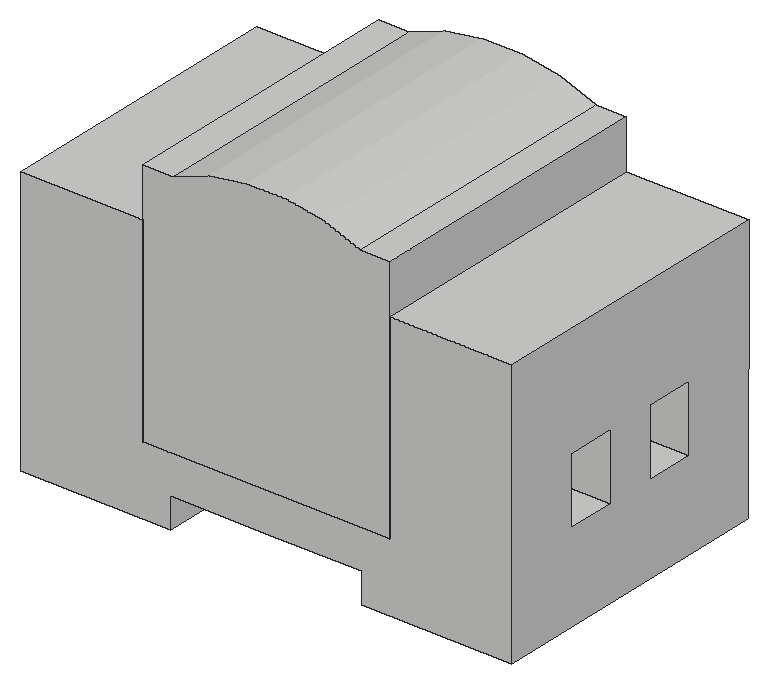
Revit family "PV Überspannungsschutz", category Generic Models, Revit 2015
Parameters (values of type "V20-C 3PH-600")
  Width = 90 mm
  URL = "http://www.obo-bettermann.com"
  Material = OBO PA 6 GF20
  Manufacturer Art.No. = "5094605"
  Manufacturer = "OBO Bettermann"
  Length = 54 mm
  Height = 61.8 mm
  GTIN = "4012195708872"
  Cut depth = 12 mm
  Article Type = "V20-C 3PH-600"
Types (3, lengths in mm): name | Manufacturer Art.No. | GTIN | Article Type
  (no name) | "5094605" | "4012195708872" | "V20-C 3PH-600"
  V20-C 3-PH-1000 | "5094608" | "4012195478621" | "V20-C 3-PH-1000"
  V20-C 3PH-600 | "5094605" | "4012195708872" | "V20-C 3PH-600"
Reference planes
  plane 1 "Center (Front/Back)": y = 0
  plane 2: z = 0
  plane 3 "Center (Left/Right)": x = 0
  plane 4: z = 54.998
  plane 5: y = 27
  plane 6: y = -27
  plane 7: z = 37
  plane 8: z = 48
  plane 9: z = 46
  plane 10: z = 58
  plane 11: z = 61.8
  plane 12: x = 30.5
Forms (mm)
  Extrusion 1, solid, material "OBO PA 6 GF20" <- "Material"
    sketch origin (0, 0, 0) x (1, 0, 0) y (0, 0, 1)
      loop
        line (0, 5.5) -> (17.5, 5.5) -> (17.5, 0) -> (45, 0) -> (45, 49) -> (-45, 49) -> (-45, 0) -> (-17.5, 0) -> (-17.5, 5.5) -> (0, 5.5)
    from -27 to 27
  Extrusion 2, void
    sketch origin (0, 0, 0) x (1, 0, 0) y (0, 0, 1)
      loop
        line (-22.55, 49) -> (-22.55, 12.55) -> (22.55, 12.55) -> (22.55, 49) -> (-22.55, 49)
    from -27 to 27
  Extrusion 3, solid, material "OBO PA 6 GF20" <- "Material"
    sketch origin (0, 0, 0) x (1, 0, 0) y (0, 0, 1)
      loop
        line (-22.55, 12.55) -> (22.541, 12.55) -> (22.541, 58) -> (17.141, 58)
        arc (17.141, 58) -> (-0.004, 61.8) -> (-17.15, 58) r 40.581
        line (-17.15, 58) -> (-22.55, 58) -> (-22.55, 12.55)
    from -27 to 27
  Extrusion 4, void
    sketch origin (0, 0, 0) x (0, 1, 0) y (0, 0, 1)
      loop
        line (13.5, 28.5) -> (4.5, 28.5) -> (4.5, 16.3) -> (13.5, 16.3) -> (13.5, 28.5)
      loop
        line (-4.5, 28.5) -> (-13.5, 28.5) -> (-13.5, 16.3) -> (-4.5, 16.3) -> (-4.5, 28.5)
    from 30.5 to 45
Cuts and joins
  Extrusion 2, Extrusion 4 cuts Extrusion 1
  Extrusion 4 cuts Extrusion 3
Dimensions and locks
  locked: Extrusion 1 sketch curve to plane 3 "Center (Left/Right)" at 45
  locked: Extrusion 1 sketch curve to level at 5.5
  locked: Extrusion 1 sketch curve to plane 3 "Center (Left/Right)" at 17.5
  "Width": Extrusion 1 sketch curve to Extrusion 1 sketch curve
  locked: plane 3 "Center (Left/Right)" to Extrusion 1 sketch curve at 17.5
  locked: Extrusion 1 sketch curve to level at 49
  "Length": plane 5 to plane 6
  locked: plane 8 to plane 9 at 2
  Extrusion 2 sketch curve to Extrusion 2 sketch curve = 45.1 mm
  equal spacing: Extrusion 2 sketch curve, plane 3 "Center (Left/Right)", Extrusion 2 sketch curve, locked at 22.55 each
  locked: Extrusion 1 to Extrusion 2 sketch curve at 36.45
  locked: plane 10 to cut or joined group of Extrusion 1, Extrusion 2, Extrusion 4 at 9
  "Height": plane 11 to level
  locked: Extrusion 3 sketch curve to Extrusion 3 sketch curve at 5.4  (x2)
  locked: plane 5 to plane 1 "Center (Front/Back)" at 27
  locked: Extrusion 4 sketch curve to Extrusion 4 sketch curve at 12.2
  locked: Extrusion 4 sketch curve to Extrusion 4 sketch curve at 9  (x3)
  equal spacing: Extrusion 4 sketch curve, plane 1 "Center (Front/Back)", Extrusion 4 sketch curve, locked at 4.5 each
  locked: Extrusion 4 sketch curve to level at 16.3
  locked: cut or joined group of Extrusion 1, Extrusion 2, Extrusion 4 to plane 12 at 14.5
  radius of Extrusion 3 sketch curve = 40.581 mm
  aligned and locked: level to plane 2
  aligned and locked: Extrusion 1 to plane 5
  aligned and locked: plane 6 to Extrusion 1
  aligned and locked: level to Extrusion 1 sketch curve
  aligned and locked: Extrusion 2 sketch curve to Extrusion 1
  aligned and locked: Extrusion 1 to Extrusion 2  (x2)
  aligned and locked: cut or joined group of Extrusion 1, Extrusion 2, Extrusion 4 to Extrusion 3 sketch curve
  aligned and locked: Extrusion 3 sketch curve to cut or joined group of Extrusion 1, Extrusion 2, Extrusion 4
  aligned and locked: Extrusion 3 sketch curve to plane 10  (x2)
  aligned and locked: Extrusion 3 to plane 5
  aligned and locked: plane 6 to Extrusion 3
  aligned and locked: Extrusion 4 sketch curve to Extrusion 4 sketch curve  (x2)
  aligned and locked: Extrusion 4 to plane 12
  aligned and locked: Extrusion 1 to Extrusion 4
Automatic sketch dimensions
  Extrusion 1 sketch curve to plane 3 "Center (Left/Right)" = 0 mm
  Extrusion 1 sketch curve to level = 0 mm
  Extrusion 3 sketch curve to plane 3 "Center (Left/Right)" = 0.004 mm
